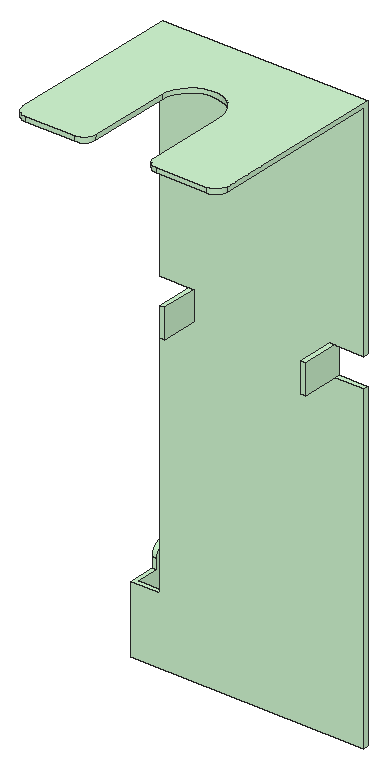
Revit family "点検口C38+アクセス", category 機械設備, Revit 2020
Family settings
  丸型コネクタ寸法 = 直径を使用
  種別 = なし
  パーツ タイプ = 標準
  作業面ベース = いいえ
  常に垂直 = はい
  ロード時にボイドで切り取り = いいえ
  共有 = いいえ
  部屋計算ポイント = いいえ
Parameters
  製造元 = "株式会社桐井製作所"
  既定の高さ = 0 mm
  URL = "https://www.kirii.co.jp/"
  K_材質 = "溶融亜鉛めっき鋼板及び鋼帯 SGCC 一般用"
  K_品名 = "点検口C38+アクセス"
  K_名称 = "点検口金具"
  K_入数 = "200"
  K_バージョン情報 = "20220915"
  K_めっき付着量 = "Z12"
  K_JIS規格 = "JIS G 3302"
Reference planes
  plane 1 "中心(正面/背面)": y = 0
  plane 2: z = 0
  plane 3 "中心(左/右)": x = 0
Forms (mm)
  Extrusion 1, solid
    sketch origin (0, 0.2, 0) x (0, 1, 0) y (0, 0, -1)
      loop
        line (10.8, -2.5) -> (10, -2.5) -> (10, -100.7) -> (-21.2, -100.7) -> (-21.2, -101.5) -> (10.8, -101.5) -> (10.8, -2.5)
    from -40 to 0
  Extrusion 2, void
    sketch origin (0, 6.1, 0) x (1, 0, 0) y (0, 0, 1)
      loop
        line (40, 57.6) -> (40, 62.6) -> (35.001, 62.6) -> (35.001, 57.6) -> (40, 57.6)
    from -4.9 to -4.1
  Extrusion 3, solid
    sketch origin (-0.18, 6.1, 0) x (1, 0, 0) y (0, 0, -1)
      loop
        line (0.98, -17.8) -> (0.98, 0) -> (0.18, 0) -> (0.18, -17.8) -> (0.98, -17.8)
    from 4.1 to 32.3
  Extrusion 4, void
    sketch origin (0, 6.1, 0) x (0, 1, 0) y (0, 0, 1)
      loop
        line (13.8, 17.8) -> (13.8, 5) -> (27.3, 5) -> (27.3, 17.8) -> (13.8, 17.8)
    from 0 to 0.8
  Extrusion 5, void
    sketch origin (0, 6.1, 0) x (0, 1, 0) y (0, 0, 1)
      loop
        line (10.8, 17.8) -> (4.1, 17.8) -> (4.1, 14) -> (8.8, 14) -> (8.8, 15.8)
        arc (8.8, 15.8) -> (9.386, 17.214) -> (10.8, 17.8) r 2
      loop
        line (8.864, 2.5) -> (4.1, 2.5) -> (4.1, 0) -> (10.8, 0)
        arc (10.8, 0) -> (9.219, 0.775) -> (8.864, 2.5) r 2
      loop
        arc (30.3, 17.8) -> (31.714, 17.214) -> (32.3, 15.8) r 2
        line (32.3, 15.8) -> (32.3, 17.8) -> (30.3, 17.8)
      loop
        arc (32.3, 2) -> (31.714, 0.586) -> (30.3, 0) r 2
        line (30.3, 0) -> (32.3, 0) -> (32.3, 2)
    from 0 to 0.8
  Extrusion 6, solid
    sketch origin (-0.876, 6.1, 0) x (1, 0, 0) y (0, 0, 1)
      loop
        line (0.876, 5) -> (1.676, 5)
        arc (1.676, 5) -> (2.476, 8.097) -> (2.258, 11.287) r 10
        line (2.258, 11.287) -> (0.876, 17.8) -> (0.876, 14.247) -> (1.533, 11.151)
        arc (1.533, 11.151) -> (1.725, 8.02) -> (0.876, 5) r 9.4
    from -24.3 to -16.8
  Extrusion 7, void
    sketch origin (-0.876, 6.1, 0) x (0, 1, 0) y (0, 0, 1)
      loop
        line (24.3, 17.8) -> (16.8, 17.8) -> (20.55, 14.05) -> (24.3, 17.8)
    from 0.695 to 1.797
  Extrusion 8, void
    sketch origin (-30.001, 6.1, 0) x (1, 0, 0) y (0, 0, 1)
      loop
        line (40, 57.6) -> (40, 62.6) -> (35.001, 62.6) -> (35.001, 57.6) -> (40, 57.6)
    from -4.9 to -4.1
  Extrusion 9, void
    sketch origin (0, 0, 0) x (1, 0, 0) y (0, 0, 1)
      loop
        line (0, 101.5) -> (0, 14) -> (5, 14) -> (5, 101.5) -> (0, 101.5)
    from -11 to -10.2
  Extrusion 10, void
    sketch origin (0, 0, 0) x (1, 0, 0) y (0, 0, 1)
      loop
        line (0, 101.5) -> (0, 100.7) -> (5, 100.7) -> (5, 101.5) -> (0, 101.5)
    from -11 to 21
  Extrusion 11, void
    sketch origin (0, 0, 0) x (1, 0, 0) y (0, 1, 0)
      loop
        arc (27.5, -5) -> (22.5, 0) -> (17.5, -5) r 5
        line (17.5, -5) -> (17.5, -19)
        arc (17.5, -19) -> (16.914, -20.414) -> (15.5, -21) r 2
        line (15.5, -21) -> (29.5, -21)
        arc (29.5, -21) -> (28.086, -20.414) -> (27.5, -19) r 2
        line (27.5, -19) -> (27.5, -5)
      loop
        line (5, -19) -> (5, -21) -> (7, -21)
        arc (7, -21) -> (5.586, -20.414) -> (5, -19) r 2
      loop
        line (38, -21) -> (40, -21) -> (40, -19)
        arc (40, -19) -> (39.414, -20.414) -> (38, -21) r 2
    from 100.7 to 101.5
  Extrusion 12, solid
    sketch origin (24.201, 0, 0) x (1, 0, 0) y (0, 0, 1)
      loop
        line (9.999, 62.6) -> (9.999, 57.6) -> (10.799, 57.6) -> (10.799, 62.6) -> (9.999, 62.6)
    from -11 to -4
  Extrusion 13, solid
    sketch origin (0, 0, 0) x (1, 0, 0) y (0, 0, 1)
      loop
        line (9.999, 62.6) -> (9.999, 57.6) -> (10.799, 57.6) -> (10.799, 62.6) -> (9.999, 62.6)
    from -11 to -4
Cuts and joins
  Extrusion 2, Extrusion 5, Extrusion 8, Extrusion 9, Extrusion 10, Extrusion 11 cuts Extrusion 1
  Extrusion 2, Extrusion 4, Extrusion 5 cuts Extrusion 3
  Extrusion 7 cuts Extrusion 6
  joined: Extrusion 1, Extrusion 3, Extrusion 6, Extrusion 12, Extrusion 13
Dimensions and locks
  aligned and locked: level to plane 2
